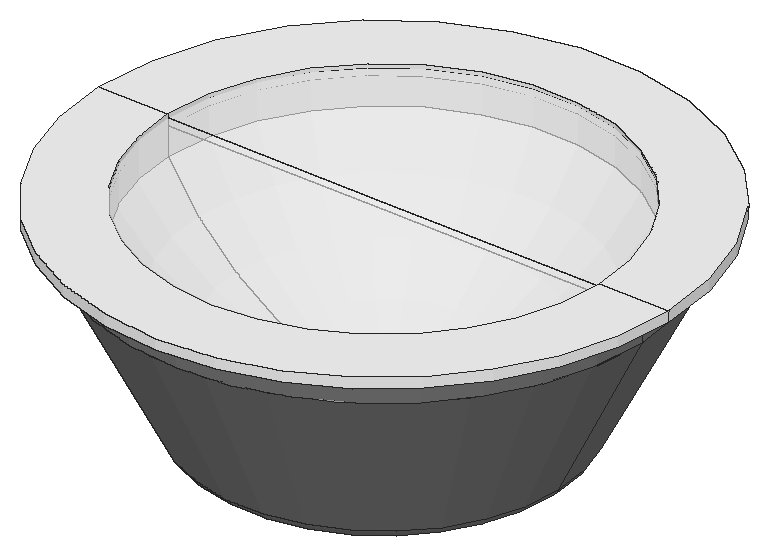
Revit family "30514", category Lighting Fixtures, host Face, Revit 2018
Family settings
  Host = Face
  Round Connector Dimension = Use Diameter
  Part Type = Normal
  OmniClass Number = 23.80.70.00
  OmniClass Title = Lighting
  Cut with Voids When Loaded = No
  Light Source = Yes
  Shared = No
  Room Calculation Point = No
Parameters (values of type "0030514 INSAVER SLIM UGR19 165 1150LM 830 SM")
  WidthBezel_SYL = if(Size1_SYL, 20 mm, if(Size2_SYL, 20 mm, if(Size3PIR_SYL, 30 mm, if(Size4_SYL, 20 mm, 20 mm))))  # 20 mm
  Weight = "n/a"
  Wattage Comments = ""
  Wattage = 9 W
  WarrantyStartDate [instance] = "n/a"
  WarrantyGuarantorParts = "n/a"
  WarrantyDurationUnit = "n/a"
  WarrantyDurationParts = ""
  WarrantyDescription = "http://www.sylvania-lighting.com"
  built-in parameter 1150110 = 1 (stored number, unit not read)
  Voltage = 230 V
  VisibilityPIR_SYL = Size3PIR_SYL  # no
  URL = "0.9"
  TypeName = "Insaver Slim UGR19 165 1150lm 830 Surface Mounted"
  Type Image = <None>
  Type Comments = "n/a"
  built-in parameter 1114217 = 1 (stored number, unit not read)
  Tilt Angle = -90.00°
  built-in parameter 1150109 = 1 (stored number, unit not read)
  built-in parameter 1150134 = (empty or 0)
  built-in parameter 1150113 = 1 (stored number, unit not read)
  Size4_SYL = no
  Size3PIR_SYL = no
  Size2_SYL = no
  Size1_SYL = yes
  SerialNumber [instance] = "n/a"
  RadiusTop_SYL = 6 mm
  RadiusReflector_SYL = if(Size1_SYL, 85 mm, if(Size2_SYL, 85 mm, if(Size3PIR_SYL, 85 mm, if(Size4_SYL, 100 mm, 120 mm))))  # 85 mm
  Photometric Web File = "0030514.IES"
  Material_3_FEILO = Top-Sylvania-STARTDownlight
  PowerFactor = 0.9
  PowerConsumption = "Lighting"
  NominalLength = 165 mm
  NominalHeight = 50 mm
  NominalDepth = 165 mm
  Name = "Insaver Slim UGR19 165 1150lm 830 Surface Mounted"
  ModelReference = Name  # "Insaver Slim UGR19 165 1150lm 830 Surface Mounted"
  ModelNumber = "0030514"
  Model = Name  # "Insaver Slim UGR19 165 1150lm 830 Surface Mounted"
  Material = "Feilo Sylvania"
  ManufacturerName = "121 lm/W"
  Manufacturer = ""
  LuminousEfficacy = ""
  built-in parameter 1150105 = 83.795 (stored number, unit not read)
  Lumens = 1053 lm
  LuminaireType = "0"
  built-in parameter 1150115 = 1 (stored number, unit not read)
  LightOutputRatio = "LED"
  built-in parameter 1150137 = (empty or 0)
  built-in parameter 1150139 = (empty or 0)
  LampsType = Lamp  # "n/a"
  LampNominalLuminous = "3000 K"
  LampMacAdamStep = "80"
  LampColourTemperature = "LED"
  LampColourRenderingIndex = "16500"
  built-in parameter 1150112 = 1 (stored number, unit not read)
  built-in parameter 1150114 = 1 (stored number, unit not read)
  Lamp = "n/a"
  Keynote = "n/a"
  InstallationDate [instance] = "n/a"
  InputVoltage = "0"
  InputNominalFrequency = "3000"
  built-in parameter 1150132 = (empty or 0)
  built-in parameter 1150102 = (empty or 0)
  built-in parameter 1150107 = 3000 (stored number, unit not read)
  built-in parameter 1150138 = (empty or 0)
  IngressProtection = "IfcLightFixtureType"
  ImpactProtectionIndex = "IfcLightFixtureType"
  built-in parameter 1150106 = 0.83795 (stored number, unit not read)
  IfcExportType = "IfcLightFixtureType"
  IfcExportAs = "Class II"
  Height_SYL = if(Size1_SYL, 61 mm, if(Size2_SYL, 61 mm, if(Size3PIR_SYL, 61 mm, if(Size4_SYL, 61 mm, 60 mm))))  # 61 mm
  HeightBezel_SYL = if(Size1_SYL, 3 mm, if(Size2_SYL, 3 mm, if(Size3PIR_SYL, 3 mm, if(Size4_SYL, 3.2 mm, 3 mm))))  # 3 mm
  ExpectedLife = 50000
  Emit from Circle Diameter = Diameter_SYL - 40 mm  # 125 mm
  Emit Shape Visible in Rendering = no
  ElectricShockClassification = "121"
  built-in parameter 1150104 = 10.87 (stored number, unit not read)
  DurationUnit = "hours"
  DocumentationLiterature = "http://www.sylvania-lighting.com/product/en-int/products/0030514"
  DimmingControlOptions = "n/a"
  Material_2_FEILO = Diffuser-Sylvania-STARTDownlight
  Dimming Lamp Color Temperature Shift = <None>
  Diameter_SYL = if(Size1_SYL, 165 mm, if(Size2_SYL, 190 mm, if(Size3PIR_SYL, 211 mm, if(Size4_SYL, 220 mm, 240 mm))))  # 165 mm
  DiameterTop_SYL = if(Size1_SYL, 98 mm, if(Size2_SYL, 122 mm, if(Size3PIR_SYL, 120 mm, if(Size4_SYL, 135 mm, 158 mm))))  # 98 mm
  DiameterTopBase_SYL = DiameterRecess_SYL  # 150 mm
  DiameterRecess_SYL = if(Size1_SYL, 150 mm, if(Size2_SYL, 170 mm, if(Size3PIR_SYL, 186 mm, if(Size4_SYL, 200 mm, 225 mm))))  # 150 mm
  Description = "Insaver Slim is a surface mounted LED downlight,Die-cast aluminium body, loop in loop out connector for quick installation, Non dimmable LED driver, 9.5W; 1150lm; 121lm/W; 3000K; UGR <19 with height of 95 mm."
  Default Elevation = 1219.2 mm
  CreatedOn = "05/03/2024"
  CreatedBy = "@sylvania-lighting.com"
  Cost = 0
  Color Filter = 16777215
  built-in parameter 1114216 [instance] = (empty or 0)
  ClassificationValue = "EF_70_80"
  ClassificationName = "Uniclass2015"
  Material_1_FEILO = Trim-Sylvania-STARTDownlight-White
  BarCode [instance] = "n/a"
  built-in parameter 1114218 = 1 (stored number, unit not read)
  built-in parameter 1150133 = 10 (stored number, unit not read)
  AssetType = "Fixed"
  AssetIdentifier [instance] = "n/a"
  Assembly Code = "D5020200"
  Apparent Load = 9.5 VA
  Material_4_FEILO = LED-Sylvania-STARTDownlight
Reference planes
  plane 1 "Center (Front/Back)": y = 0
  plane 2: z = 0
  plane 3 "Center (Left/Right)": x = 0
  plane 4: x = 82.5
  plane 5: x = -82.5
  plane 6: z = 3
  plane 7: z = -8
  plane 8: z = -58
  plane 9: x = -75
  plane 10: x = 75
  plane 11: x = -49
  plane 12: x = 49
  plane 13: z = -85
  plane 14: x = -62.5
  plane 15: z = 2
  plane 16: z = -46
  plane 17: x = -16
  plane 18: x = -67.5
  plane 19: x = -81.5
  plane 20: x = -99.5
  plane 21: x = -76.5
  plane 22: z = 5.5
  plane 23: z = 8.7
  plane 24: x = -75.5
  plane 25: z = 13.7
Forms (mm)
  Revolve 1, void
    sketch origin (0, 0, 0) x (1, 0, 0) y (0, 0, 1)
      loop
        line (0, 0) -> (-75, 0) -> (-75, -85) -> (0, -85) -> (0, 0)
      axis (0, 0) -> (0, -85)
    angle from 360 to 0
  Revolve 2, solid, material "Trim-Sylvania-STARTDownlight-White" <- "Material_1_FEILO"
    sketch origin (0, 0, 0) x (1, 0, 0) y (0, 0, 1)
      loop
        line (-62.5, 3) -> (-82.5, 3) -> (-82.5, 0) -> (-75, 0) -> (-75, -8) -> (-50.681, -54.768)
        arc (-50.681, -54.768) -> (-48.471, -57.129) -> (-45.357, -58) r 6
        line (-45.357, -58) -> (0, -58) -> (0, -46) -> (-16, -46)
        arc (-16, -46) -> (-42.718, -31.243) -> (-62.5, -8) r 85
        line (-62.5, -8) -> (-62.5, 3)
      axis (0, 3) -> (0, -58)
    angle from 360 to 0
  Revolve 3, solid, material "Diffuser-Sylvania-STARTDownlight" <- "Material_2_FEILO"
    sketch origin (0, 0, 0) x (1, 0, 0) y (0, 0, 1)
      loop
        line (-62.5, 0) -> (0, 0) -> (0, 2) -> (-62.5, 2) -> (-62.5, 0)
      axis (0, 2) -> (0, 0)
    angle from 360 to 0
  Revolve 4, solid, material "Trim-Sylvania-STARTDownlight-White" <- "Material_1_FEILO", visible <- "VisibilityPIR_SYL"
    sketch origin (0, 0, 0) x (1, 0, 0) y (0, 0, 1)
      loop
        line (-67.5, 3) -> (-67.5, 13.7)
        arc (-67.5, 13.7) -> (-72.217, 12.347) -> (-75.5, 8.7) r 8.9
        line (-75.5, 8.7) -> (-75.5, 5.5) -> (-76.5, 5.5) -> (-76.5, 3) -> (-67.5, 3)
      axis (-67.5, 13.7) -> (-67.5, 3)
    angle from 360 to 0
Dimensions and locks
  equal spacing: plane 4, plane 3 "Center (Left/Right)", plane 5
  "Diameter_SYL": plane 4 to plane 5
  equal spacing: plane 10, plane 3 "Center (Left/Right)", plane 9
  equal spacing: plane 12, plane 3 "Center (Left/Right)", plane 11
  "DiameterTop_SYL": plane 12 to plane 11
  "HeightBezel_SYL": plane 6 to plane 2
  "Height_SYL": plane 6 to plane 8
  locked: plane 2 to plane 7 at 8
  locked: plane 2 to plane 13 at 85
  "WidthBezel_SYL": plane 14 to plane 5
  locked: plane 6 to plane 15 at 1
  "DiameterRecess_SYL": plane 10 to plane 9
  locked: plane 3 "Center (Left/Right)" to plane 17 at 16
  locked: plane 16 to plane 8 at 12
  locked: plane 18 to plane 21 at 9
  locked: plane 22 to plane 6 at 2.5
  locked: plane 23 to plane 22 at 3.2
  locked: plane 18 to plane 24 at 8
  locked: plane 25 to plane 23 at 5
  locked: plane 25 to Revolve 4 sketch curve at 8.9
  locked: plane 18 to plane 5 at 15
  "RadiusReflector_SYL": radius of Revolve 2 sketch curve
  "RadiusTop_SYL": radius of Revolve 2 sketch curve
  aligned and locked: plane 2 to host face
  aligned and locked: level to host face
  aligned and locked: Revolve 1 sketch curve to plane 3 "Center (Left/Right)"
  aligned and locked: plane 3 "Center (Left/Right)" to Revolve 1 sketch curve
  aligned and locked: Revolve 1 sketch curve to plane 9
  aligned and locked: plane 13 to Revolve 1 sketch curve
  aligned and locked: plane 3 "Center (Left/Right)" to imposter light
  aligned and locked: imposter light to plane 15
  aligned and locked: imposter light to plane 1 "Center (Front/Back)"
  aligned and locked: Revolve 2 sketch curve to plane 3 "Center (Left/Right)"
  aligned and locked: Revolve 2 sketch curve to plane 6
  aligned and locked: Revolve 2 sketch curve to plane 5
  aligned and locked: Revolve 2 sketch curve to level
  aligned and locked: plane 7 to Revolve 2 sketch curve  (x2)
  aligned and locked: Revolve 2 sketch curve to plane 9
  aligned and locked: plane 8 to Revolve 2 sketch curve
  aligned and locked: Revolve 2 sketch curve to plane 14
  aligned and locked: plane 3 "Center (Left/Right)" to Revolve 2 sketch curve
  aligned and locked: Revolve 2 sketch curve to plane 16
  aligned and locked: Revolve 3 sketch curve to plane 3 "Center (Left/Right)"
  aligned and locked: Revolve 3 sketch curve to level
  aligned and locked: imposter light to Revolve 3 sketch curve  (x2)
  aligned and locked: Revolve 4 sketch curve to plane 18  (x2)
  aligned and locked: Revolve 4 sketch curve to plane 6
  aligned and locked: plane 22 to Revolve 4 sketch curve
  aligned and locked: plane 24 to Revolve 4 sketch curve
  aligned and locked: Revolve 4 sketch curve to Revolve 4 sketch curve
  aligned and locked: plane 21 to Revolve 4 sketch curve
Automatic sketch dimensions
  host sketch curve to host sketch curve = 2438.4 mm  (x2)
  plane 13 to Revolve 1 sketch curve = 524.6 mm
  Revolve 1 sketch curve to plane 6 = 2606.058 mm
  Revolve 1 sketch curve to level = 0 mm
  Revolve 2 sketch curve to plane 17 = 0 mm
  Revolve 2 sketch curve to plane 11 = 1.681 mm
  plane 11 to Revolve 2 sketch curve = 3.643 mm
  plane 13 to Revolve 2 sketch curve = 524.6 mm
  Revolve 2 sketch curve to Revolve 2 sketch curve = 2577.983 mm
  Revolve 3 sketch curve to plane 14 = 0 mm
  plane 13 to Revolve 3 sketch curve = 524.6 mm
  Revolve 3 sketch curve to plane 6 = 2606.058 mm
  Revolve 4 sketch curve to plane 23 = 0 mm
  plane 13 to Revolve 4 sketch curve = 524.6 mm
  Revolve 4 sketch curve to Revolve 4 sketch curve = 2595.358 mm
Connectors
  electrical at (0, 0, 0), driven by "Apparent Load", driven by "PowerFactor", driven by "Voltage"
    settings: index 1, voltage 230 V, apparent load 9.5 VA, apparent load phase1 0 VA, apparent load phase2 0 VA, apparent load phase3 0 VA, power factor 0.9, load classification "Lighting", number of poles 1, system type 30, power factor state 1, is connector primary yes, connector utility no, sub classification motor no, connector description ""
